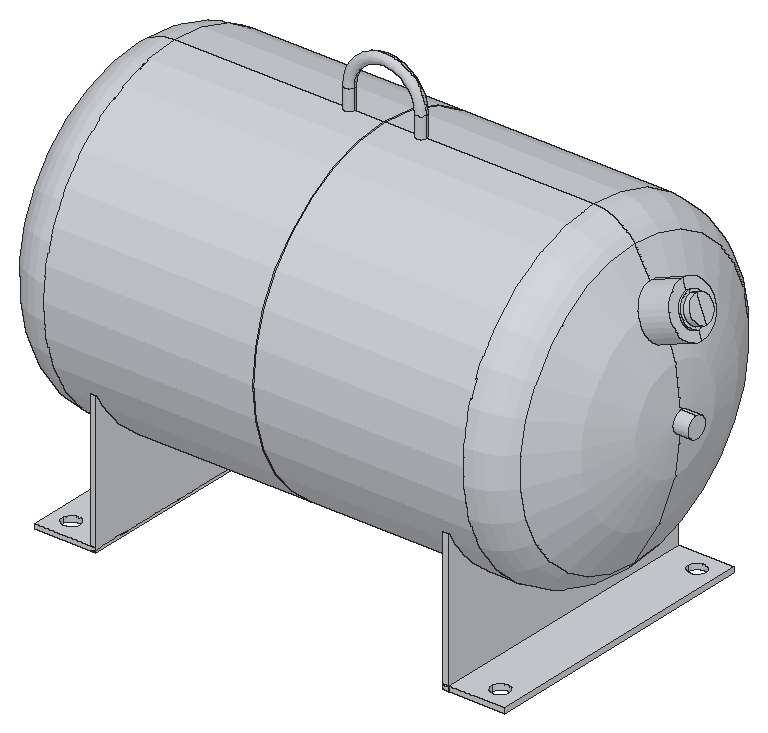
Revit family
Parameters (values of type "AX-40 125# W.P. with Saddles")
  Weight = "74 lbs"
  Tank Volume = "21.7 Gal"
  Tank Radius = Tank Diameter / 2  # 8.000"
  Tank Length = 29.000"
  Tank Diameter = 16.000"
  Pipe Connector Diameter = Pipe Connection Radius * 2  # 0.500"
  Pipe Connection Radius = 0.250"
  Off Ref Plane = 2.750"
  Model = "AX-40"
  Maximum Acceptance Volume = "11.3 Gal"
  Max Operating Temp = "240 DEG F"
  Max Operating Pressure = "125 PSI"
  Manufacturer = "Amtrol"
  CL to Saddle = 8.469"
  Bladder/Diaphragm = "Diaphragm"
  ASME = no
  1/2 Tank Length = Tank Length / 2  # 14.500"
Types (5): name | Weight | Tank Volume | Tank Length | Model | Max Operating Pressure | CL to Saddle | 1/2 Tank Length
  (no name) | "74 lbs" | "21.7 Gal" | 29.000" | "AX-40" | "125 PSI" | 8.469" | 14.500"
  AX-40 125# W.P. with Saddles | "74 lbs" | "21.7 Gal" | 29.000" | "AX-40" | "125 PSI" | 8.469" | 14.500"
  AX-40 150# W.P. 10 BAR with Saddles | "66 lbs" | "21.7 Gal" | 29.000" | "AX-40" | "125 PSI" | 8.469" | 14.500"
  AX-60 125# W.P. with Saddles | "96 lbs" | "33.6 Gal" | 42.250" | "AX-60" | "125 PSI" | 15.094" | 21.125"
  AX-60 150# W.P. 10 BAR with Saddles | "107 lbs" | "33.6 Gal" | 42.250" | "AX-60" | "150 PSI" | 15.094" | 21.125"
Reference planes (in)
  plane 1 "Center (Front/Back)": y = 0
  plane 2: z = 0
  plane 3 "Center (Left/Right)": x = 0
  plane 4: z = 2.75
Forms (in)
  Sweep 1, solid
    path origin (0, 0, 0) x (1, 0, 0) y (0, 0, 1)
      loop
        line (14.5, 10.854) -> (15.25, 10.854)
    profile origin (14.875, 0, 10.854) x (0, 0, 1) y (0, -1, 0)
      loop
        circle (0, 0) r 0.5
  Revolve 2, solid
    sketch origin (0, 0, 0) x (1, 0, 0) y (0, 0, 1)
      loop
        line (13.4075, 15.29207) -> (13.89157, 14.09398) -> (15.51414, 14.74954) -> (15.32683, 15.21313) -> (15.45228, 15.26381) -> (15.40386, 15.38366) -> (15.72686, 15.51416) -> (15.47852, 16.12882) -> (13.4075, 15.29207)
      axis (13.4075, 15.29207) -> (15.47852, 16.12882)
    angle from 0 to 360
  Sweep 3, solid
    path origin (0.05398, 0, -0.08997) x (1, 0, 0) y (0, 0, 1)
      loop
        line (-1.75, 18.958) -> (-1.75, 19.958)
        arc (-1.75, 19.958) -> (0, 21.708) -> (1.75, 19.958) r 1.75
        line (1.75, 19.958) -> (1.75, 18.958)
    profile origin (-1.69602, 0, 19.36803) x (-1, 0, 0) y (0, -1, 0)
      loop
        circle (0, 0) r 0.25
  Revolve 4, solid
    sketch origin (0, 0, 0) x (1, 0, 0) y (0, 0, 1)
      loop
        line (-14.5, 10.854) -> (0, 10.854) -> (0, 18.854) -> (-10.22564, 18.854)
        arc (-10.22564, 18.854) -> (-11.34443, 18.5736) -> (-12.21829, 17.82081) r 2.50004
        arc (-12.21829, 17.82081) -> (-13.90417, 14.51591) -> (-14.5, 10.854) r 12.0002
      axis (0, 10.854) -> (-14.5, 10.854)
    angle from 0 to 360
  Revolve 5, solid
    sketch origin (0, 0, 0) x (-1, 0, 0) y (0, 0, 1)
      loop
        line (-14.5, 10.854) -> (0, 10.854) -> (0, 18.854) -> (-10.22564, 18.854)
        arc (-10.22564, 18.854) -> (-11.34443, 18.5736) -> (-12.21829, 17.82081) r 2.50004
        arc (-12.21829, 17.82081) -> (-13.90417, 14.51591) -> (-14.5, 10.854) r 12.0002
      axis (0, 10.854) -> (-14.5, 10.854)
    angle from 0 to 360
  Extrusion 6, solid
    sketch origin (0, 0, 0) x (0, 1, 0) y (0, 0, 1)
      loop
        line (-7, 0.104) -> (7, 0.104) -> (7, 6.98102)
        arc (7, 6.98102) -> (0, 2.854) -> (-7, 6.98102) r 8
        line (-7, 6.98102) -> (-7, 0.104)
    from 8.469 to 8.72388
  Extrusion 7, solid
    sketch origin (0, 0, 0) x (1, 0, 0) y (0, 0, 1)
      loop
        line (8.469, 0.104) -> (11.469, 0.104) -> (11.469, 0.354) -> (8.469, 0.354) -> (8.469, 0.104)
    from -7 to 7
  Extrusion 8, solid
    sketch origin (0, 0, 0) x (0, 1, 0) y (0, 0, -1)
      loop
        line (-7, -0.104) -> (-7, -6.98102)
        arc (-7, -6.98102) -> (0, -2.854) -> (7, -6.98102) r 8
        line (7, -6.98102) -> (7, -0.104) -> (-7, -0.104)
    from 8.469 to 8.72388
  Extrusion 9, solid
    sketch origin (0, 0, 0) x (-1, 0, 0) y (0, 0, -1)
      loop
        line (8.469, -0.104) -> (8.469, -0.354) -> (11.469, -0.354) -> (11.469, -0.104) -> (8.469, -0.104)
    from -7 to 7
  Extrusion 10, void
    sketch origin (0, 0, 0) x (1, 0, 0) y (0, 1, 0)
      loop
        circle (10.469, 6) r 0.4375
      loop
        circle (10.469, -6) r 0.438
    from 0 to 1.43812
  Extrusion 11, void
    sketch origin (0, 0, 0) x (1, 0, 0) y (0, 1, 0)
      loop
        circle (-10.469, 6) r 0.438
      loop
        circle (-10.469, -6) r 0.438
    from 0 to 1.64325
Cuts and joins
  Extrusion 10 cuts Revolve 5
  Extrusion 10 cuts Extrusion 7
  Extrusion 11 cuts Revolve 4
  Extrusion 11 cuts Extrusion 9
Dimensions and locks (in)
  "1/2 Tank Length": plane 3 "Center (Left/Right)" to Revolve 4 sketch curve
  "Tank Radius": Revolve 4 sketch curve to Revolve 4 sketch curve
  Revolve 4 sketch curve to level = 10.854"
  locked: Revolve 4 sketch curve to Revolve 4 sketch curve at 9.50016
  "Tank Radius": Revolve 5 sketch curve to Revolve 5 sketch curve  (x2)
  locked: Revolve 5 sketch curve to Revolve 5 sketch curve at 9.50016
  Revolve 2 sketch curve to Revolve 5 = 3.66592"
  Revolve 2 sketch curve to Revolve 5 = 3.18186"
  Revolve 2 sketch curve to Revolve 2 sketch curve = 2.23366"
  Revolve 2 sketch curve to Revolve 2 sketch curve = 1.750"
  Revolve 2 sketch curve to Revolve 2 sketch curve = 1.8853"
  "1/2 Tank Length": Revolve 4 to Revolve 5 sketch curve
  Revolve 5 sketch curve to level = 10.854"
  Sweep 1 sketch curve to Revolve 5 = 4.27436"
  locked: Extrusion 6 sketch curve to Revolve 5 at 2.75
  locked: Extrusion 6 sketch curve to Extrusion 6 sketch curve at 14
  locked: Extrusion 6 sketch curve to Extrusion 6 sketch curve at 6.87702
  locked: Extrusion 6 sketch curve to plane 1 "Center (Front/Back)" at 7
  locked: Extrusion 7 sketch curve to Extrusion 7 sketch curve at 0.25
  locked: Extrusion 7 sketch curve to Extrusion 7 sketch curve at 3
  "CL to Saddle": Extrusion 6 to plane 3 "Center (Left/Right)"
  locked: Extrusion 6 to Extrusion 6 at 0.25488
  locked: Extrusion 8 sketch curve to Extrusion 8 sketch curve at 14
  locked: Extrusion 8 sketch curve to Extrusion 8 sketch curve at 6.87702
  locked: Extrusion 9 sketch curve to Extrusion 9 sketch curve at 0.25
  locked: Extrusion 9 sketch curve to Extrusion 9 sketch curve at 3
  locked: Extrusion 8 to Extrusion 8 at 0.25488
  "CL to Saddle": plane 3 "Center (Left/Right)" to Extrusion 8
  locked: Extrusion 7 to Extrusion 10 sketch curve at 1  (x2)
  locked: Extrusion 10 sketch curve to Extrusion 7 at 1  (x2)
  locked: Extrusion 9 to Extrusion 11 sketch curve at 1  (x4)
  aligned and locked: import instance to plane 1 "Center (Front/Back)"
  aligned and locked: plane 3 "Center (Left/Right)" to Revolve 4 sketch curve
  aligned and locked: Revolve 4 sketch curve to Revolve 4 sketch curve  (x2)
  aligned and locked: Revolve 5 sketch curve to Revolve 5 sketch curve
  aligned and locked: Extrusion 6 to Extrusion 7 sketch curve
  aligned and locked: Extrusion 7 to Extrusion 6
  aligned and locked: Extrusion 6 to Extrusion 7
  aligned and locked: Extrusion 9 sketch curve to Extrusion 8
  aligned and locked: Extrusion 9 to Extrusion 8
  aligned and locked: Extrusion 8 to Extrusion 9
Automatic sketch dimensions
  Sweep 1 sketch curve to Sweep 1 sketch curve = 0.750"
  plane 4 to Sweep 1 sketch curve = 8.104"
  Sweep 1 sketch curve to plane 1 "Center (Front/Back)" = 0.000"
  profile plane to Sweep 1 sketch curve = 0.000"
  Revolve 2 sketch curve to Revolve 2 sketch curve = 1.21693"
  plane 4 to Revolve 2 sketch curve = 12.46313"
  Revolve 2 sketch curve to Revolve 2 sketch curve = 1.43527"
  plane 4 to Revolve 2 sketch curve = 12.63366"
  Revolve 2 sketch curve to Revolve 2 sketch curve = 0.07703"
  Revolve 2 sketch curve to Revolve 2 sketch curve = 0.88438"
  Revolve 2 sketch curve to Revolve 2 sketch curve = 0.49167"
  Revolve 2 sketch curve to Revolve 2 sketch curve = 0.35731"
  Sweep 3 sketch curve to plane 3 "Center (Left/Right)" = 1.69602"
  plane 3 "Center (Left/Right)" to Sweep 3 sketch curve = 0.05398"
  plane 4 to Sweep 3 sketch curve = 16.11803"
  Sweep 3 sketch curve to Sweep 3 sketch curve = 0.000"
  Sweep 3 sketch curve to Sweep 3 sketch curve = 1.000"
  Sweep 3 sketch curve to profile plane = 0.000"
  profile plane to Sweep 3 sketch curve = 0.000"
  Revolve 4 sketch curve to Revolve 4 sketch curve = 3.500"
  Revolve 4 sketch curve to Revolve 4 sketch curve = 2.28171"
  Revolve 4 sketch curve to Revolve 4 sketch curve = 0.000"
  Revolve 4 sketch curve to Revolve 4 sketch curve = 1.99264"
  Revolve 4 sketch curve to Revolve 4 sketch curve = 2.02464"
  Revolve 5 sketch curve to plane 3 "Center (Left/Right)" = 0.000"
  Revolve 5 sketch curve to Revolve 5 sketch curve = 3.500"
  Revolve 5 sketch curve to Revolve 5 sketch curve = 2.28171"
  Revolve 5 sketch curve to Revolve 5 sketch curve = 0.000"
  Revolve 5 sketch curve to Revolve 5 sketch curve = 1.99264"
  Revolve 5 sketch curve to Revolve 5 sketch curve = 2.02464"
  Extrusion 6 sketch curve to plane 1 "Center (Front/Back)" = 0.000"
  Extrusion 6 sketch curve to Extrusion 6 sketch curve = 3.87298"
  level to Extrusion 7 sketch curve = 0.104"
  Extrusion 8 sketch curve to plane 1 "Center (Front/Back)" = 0.000"
  level to Extrusion 8 sketch curve = 0.104"
  plane 1 "Center (Front/Back)" to Extrusion 8 sketch curve = 7.000"
  Extrusion 8 sketch curve to Extrusion 8 sketch curve = 3.87298"
  Extrusion 9 sketch curve to level = 0.104"
  radius of Sweep 1 sketch curve = 0.500"
  radius of Sweep 3 sketch curve = 0.250"
  radius of Extrusion 10 sketch curve = 0.4375"
  radius of Extrusion 10 sketch curve = 0.438"
  radius of Extrusion 11 sketch curve = 0.438"  (x2)
Connectors (in)
  piping at (15.25, 0, 10.854), driven by "Pipe Connection Radius"
    settings: on Sweep 1, index 1
